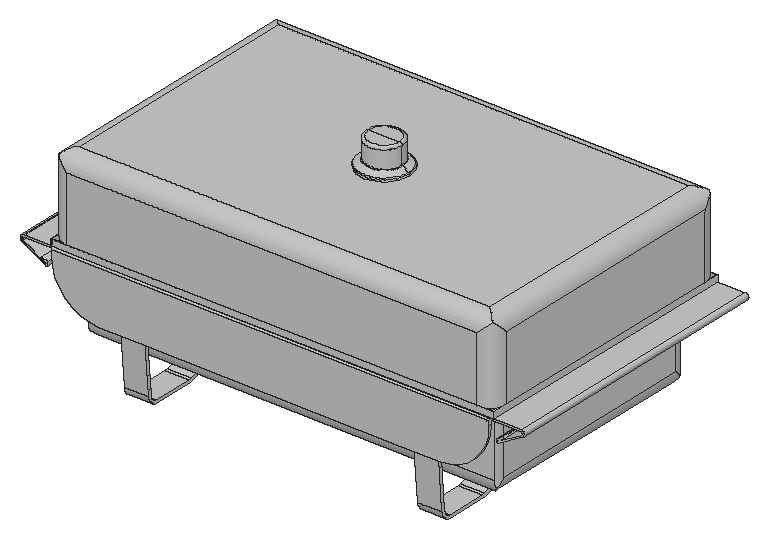
Revit family "QF_BOURGEAT_bain_marie_couvercle_standard_modulo", category Equipement spécialisé, Revit 2015
Parameters (values of type "bain_marie")
  support = yes
  URL catalogue = "http://www.bourgeat.fr"
  URL = ""
  Type de Raccord Electrique = ""
  Type article = ""
  Tension = 230 V
  Spécification du Fabricant = "bain_marie_modulo"
  Remarques Electricité = ""
  Puissance électrique  = 700 W
  Profondeur hors tout = 345 mm
  Poids net à vide = 7.00 kg
  Phase = 2
  Modèle = "875005"
  Longueur hors tout = 545 mm
  Intensité nominale = 3.04348 A
  Indice de protection = "54"
  Hauteur hors tout = 250 mm
  Fréquence = 50 Hz
  Fabricant = "BOURGEAT"
  Contact SAV = "0033(0)4.73.32.14.44"
  Charge max = 10.00 kg
Types (3, lengths in mm): name | Profondeur hors tout | Modèle | Longueur hors tout
  (no name) | 345 | "875005" | 545
  bain_marie | 345 | "875005" | 545
  bain_marie+support | 350 | "875005+875000" | 620
Reference planes
  plane 1 "Centre (avant/arrière)": y = 0
  plane 2: z = 0
  plane 3 "Centre (gauche/droite)": x = 0
Dimensions and locks
  aligned and locked: level to plane 2
Nested families
  nested 1: "base_commune_empilable" at (0, 0, 0), type "base_commune_empilable"
  nested 2: "bain_marie_couvercle_classique" at (0, 0, -76), type "modele_a_alcool"
Connectors
  electrical at (173.194, -64.811, 37.064), driven by "Tension"
    settings: on nested 2, index 1, voltage 230 V, apparent load 0 VA, apparent load phase1 700 VA, apparent load phase2 0 VA, apparent load phase3 0 VA, power factor 1, load classification "Autre", number of poles 1, system type 30, power factor state 1, is connector primary yes, connector utility no, sub classification motor no, connector description ""
Definition of nested family "base_commune_empilable"
  Reference planes
    plane 1 "Centre (avant/arrière)": y = 0
    plane 2: z = 0
    plane 3 "Centre (gauche/droite)": x = 0
    plane 4: x = 311
    plane 5: x = -311
    plane 6: y = 175.7
    plane 7: y = -175.7
    plane 8: z = 149
    plane 9: z = 147
    plane 10: y = 172.5
    plane 11: y = -172.5
    plane 12: z = 81.5
    plane 13: x = 270
    plane 14: x = -270
    plane 15: x = 175.8
    plane 16: x = -175.8
    plane 17: x = 199.8
    plane 18: x = 151.8
    plane 19: x = -151.8
    plane 20: x = -199.8
    plane 21: x = -151.8
    plane 22: x = -199.8
    plane 23: x = 199.8
    plane 24: x = 151.8
    plane 25: y = 155
    plane 26: y = -155
    plane 27: y = 167.7
    plane 28: y = 167.7
    plane 29: y = -167.7
    plane 30: y = -167.7
    plane 31: x = 257.5
    plane 32: x = -257.5
    plane 33: x = -196
    plane 34: x = 196
  Forms (mm)
    Extrusion 1, solid
      sketch origin (0, 0, 0) x (1, 0, 0) y (0, 0, 1)
        loop
          line (307, 149) -> (-307, 149)
          arc (-307, 149) -> (-310.864, 146.035) -> (-309, 141.536) r 4
          line (-309, 141.536) -> (-280.078, 124.838)
          arc (-280.078, 124.838) -> (-276.8, 125.716) -> (-277.678, 128.995) r 2.4
          line (-277.678, 128.995) -> (-284.26, 132.795) -> (-285.26, 131.063) -> (-278.678, 127.263)
          arc (-278.678, 127.263) -> (-278.532, 126.716) -> (-279.078, 126.57) r 0.4
          line (-279.078, 126.57) -> (-308, 143.268)
          arc (-308, 143.268) -> (-308.932, 145.518) -> (-307, 147) r 2
          line (-307, 147) -> (307, 147)
          arc (307, 147) -> (308.932, 145.518) -> (308, 143.268) r 2
          line (308, 143.268) -> (279.078, 126.57)
          arc (279.078, 126.57) -> (278.532, 126.716) -> (278.678, 127.263) r 0.4
          line (278.678, 127.263) -> (285.26, 131.063) -> (284.26, 132.795) -> (277.678, 128.995)
          arc (277.678, 128.995) -> (276.8, 125.716) -> (280.078, 124.838) r 2.4
          line (280.078, 124.838) -> (309, 141.536)
          arc (309, 141.536) -> (310.864, 146.035) -> (307, 149) r 4
      from -172.5 to 172.5
    Extrusion 2, solid
      sketch origin (0, 0, 0) x (0, 1, 0) y (0, 0, 1)
        loop
          line (-172.5, 149) -> (-173.7, 149)
          arc (-173.7, 149) -> (-175.114, 148.414) -> (-175.7, 147) r 2
          line (-175.7, 147) -> (-175.7, 81.5) -> (-173.514, 81.5) -> (-173.514, 146)
          arc (-173.514, 146) -> (-173.216, 146.712) -> (-172.5, 147) r 1
          line (-172.5, 147) -> (-172.5, 149)
        loop
          line (172.5, 149) -> (172.5, 147)
          arc (172.5, 147) -> (173.216, 146.712) -> (173.514, 146) r 1
          line (173.514, 146) -> (173.514, 81.5) -> (175.7, 81.5) -> (175.7, 147)
          arc (175.7, 147) -> (175.114, 148.414) -> (173.7, 149) r 2
          line (173.7, 149) -> (172.5, 149)
      from -270 to 270
    Extrusion 3, void
      sketch origin (0, 0, 0) x (1, 0, 0) y (0, 0, 1)
        loop
          line (-270, 146) -> (-280.002, 5.251) -> (-162.588, 81.5) -> (-210, 81.5)
          arc (-210, 81.5) -> (-252.426, 99.074) -> (-270, 141.5) r 60
          line (-270, 141.5) -> (-270, 146)
        loop
          line (270, 146) -> (270, 141.5)
          arc (270, 141.5) -> (252.426, 99.074) -> (210, 81.5) r 60
          line (210, 81.5) -> (162.588, 81.5) -> (280.002, 5.251) -> (270, 146)
      from -197.856 to 250
    Extrusion 4, void
      sketch origin (0, 0, 0) x (1, 0, 0) y (0, 1, 0)
        loop
          line (-199.8, 165.7) -> (-199.8, 157)
          arc (-199.8, 157) -> (-200.386, 155.586) -> (-201.8, 155) r 2
          line (-201.8, 155) -> (-217.5, 155)
          arc (-217.5, 155) -> (-245.784, 143.284) -> (-257.5, 115) r 40
          line (-257.5, 115) -> (-257.5, -115)
          arc (-257.5, -115) -> (-245.784, -143.284) -> (-217.5, -155) r 40
          line (-217.5, -155) -> (-201.8, -155)
          arc (-201.8, -155) -> (-200.386, -155.586) -> (-199.8, -157) r 2
          line (-199.8, -157) -> (-199.8, -165.7)
          arc (-199.8, -165.7) -> (-199.214, -167.114) -> (-197.8, -167.7) r 2
          line (-197.8, -167.7) -> (-153.8, -167.7)
          arc (-153.8, -167.7) -> (-152.386, -167.114) -> (-151.8, -165.7) r 2
          line (-151.8, -165.7) -> (-151.8, -157)
          arc (-151.8, -157) -> (-151.214, -155.586) -> (-149.8, -155) r 2
          line (-149.8, -155) -> (149.8, -155)
          arc (149.8, -155) -> (151.214, -155.586) -> (151.8, -157) r 2
          line (151.8, -157) -> (151.8, -165.7)
          arc (151.8, -165.7) -> (152.386, -167.114) -> (153.8, -167.7) r 2
          line (153.8, -167.7) -> (197.8, -167.7)
          arc (197.8, -167.7) -> (199.214, -167.114) -> (199.8, -165.7) r 2
          line (199.8, -165.7) -> (199.8, -157)
          arc (199.8, -157) -> (200.386, -155.586) -> (201.8, -155) r 2
          line (201.8, -155) -> (217.5, -155)
          arc (217.5, -155) -> (245.784, -143.284) -> (257.5, -115) r 40
          line (257.5, -115) -> (257.5, 115)
          arc (257.5, 115) -> (245.784, 143.284) -> (217.5, 155) r 40
          line (217.5, 155) -> (201.8, 155)
          arc (201.8, 155) -> (200.386, 155.586) -> (199.8, 157) r 2
          line (199.8, 157) -> (199.8, 165.7)
          arc (199.8, 165.7) -> (199.214, 167.114) -> (197.8, 167.7) r 2
          line (197.8, 167.7) -> (153.8, 167.7)
          arc (153.8, 167.7) -> (152.386, 167.114) -> (151.8, 165.7) r 2
          line (151.8, 165.7) -> (151.8, 157)
          arc (151.8, 157) -> (151.214, 155.586) -> (149.8, 155) r 2
          line (149.8, 155) -> (-149.8, 155)
          arc (-149.8, 155) -> (-151.214, 155.586) -> (-151.8, 157) r 2
          line (-151.8, 157) -> (-151.8, 165.7)
          arc (-151.8, 165.7) -> (-152.386, 167.114) -> (-153.8, 167.7) r 2
          line (-153.8, 167.7) -> (-197.8, 167.7)
          arc (-197.8, 167.7) -> (-199.214, 167.114) -> (-199.8, 165.7) r 2
      from 0 to 250
  Cuts and joins
    Extrusion 3 cuts Extrusion 2
    Extrusion 4 cuts Extrusion 1
  Dimensions and locks
    plane 6 to plane 7 = 351.4 mm
    plane 5 to plane 4 = 622 mm  (x2)
    plane 7 to plane 6 = 351.4 mm
    plane 10 to plane 1 "Centre (avant/arrière)" to plane 11 = 172.5 mm, 172.5 mm
    plane 5 to plane 33 = 115 mm
    plane 34 to plane 4 = 115 mm
    cut or joined group of Extrusion 1, Extrusion 4 to nested 2 = 1 mm
    aligned and locked: level to plane 2
    aligned and locked: plane 10 to Extrusion 1
    aligned and locked: plane 11 to Extrusion 1
    aligned and locked: Extrusion 2 to plane 12  (x2)
    aligned and locked: plane 14 to Extrusion 2
    aligned and locked: plane 13 to Extrusion 2
    aligned and locked: nested 1 to plane 33
    aligned and locked: nested 2 to plane 34
  Nested families
    nested 1: "bras_du_support" at (-181, 0, 0) x (0, 1, 0) z (0, 0, 1), type "bras_du_support"
    nested 2: "bras_du_support" at (181, 0, 0) x (0, 1, 0) z (0, 0, 1), type "bras_du_support"
  Definition of nested family "bras_du_support"
    Reference planes
      plane 1 "Centre (avant/arrière)": y = 0
      plane 2: z = 0
      plane 3 "Centre (gauche/droite)": x = 0
      plane 4: through (-247.444, -1524, 1281.791) normal (0.9962, 0, 0.0872)
      plane 5: z = 225
      plane 6: through (155.5, -1524, 225) normal (0.9962, 0, -0.0872)
      plane 7: z = 12
      plane 8: through (-64.644, -1524, 12.113) normal (0.3256, 0, -0.9455)
      plane 9: through (64.971, -1524, 12) normal (0.3256, 0, 0.9455)
      plane 10: z = 3
      plane 11: through (148.123, -1524, 175.104) normal (0.9962, 0, -0.0872)
      plane 12: through (-146.325, -1524, 160.421) normal (0.9962, 0, 0.0872)
      plane 13: x = 161.5
      plane 14: x = -161.5
      plane 15: x = 158.5
      plane 16: z = 195
      plane 17: through (161.5, -1524, 195) normal (0.7986, 0, -0.6018)
      plane 18: through (158.5, -1524, 195) normal (0.7986, 0, -0.6018)
      plane 19: x = -158.5
      plane 20: through (-161.5, -1524, 195) normal (0.7986, 0, 0.6018)
      plane 21: through (-158.5, -1524, 195) normal (0.7986, 0, 0.6018)
      plane 22: through (-93.673, -1524, -1.056) normal (-0.3256, 0, 0.9455)
      plane 23: x = -64.997
      plane 24: x = 64.997
      plane 25: through (71.413, -1524, 6.609) normal (0.3256, 0, 0.9455)
      plane 26: z = 8.991
      plane 27: y = 15
      plane 28: y = -15
      plane 29: z = 140
    Forms (mm)
      Extrusion 1, solid
        sketch origin (0, 0, 0) x (1, 0, 0) y (0, 0, 1)
          loop
            line (-170.5, 140) -> (-173.5, 140) -> (-173.5, 112.008)
            arc (-173.5, 112.008) -> (-173.19, 110.104) -> (-172.292, 108.397) r 6
            line (-172.292, 108.397) -> (-163.679, 96.968)
            arc (-163.679, 96.968) -> (-163.275, 96.237) -> (-163.087, 95.424) r 3
            line (-163.087, 95.424) -> (-155.776, 11.867)
            arc (-155.776, 11.867) -> (-151.609, 3.415) -> (-142.826, 0) r 13
            line (-142.826, 0) -> (-92.782, 0)
            arc (-92.782, 0) -> (-90.636, 0.178) -> (-88.55, 0.708) r 13
            line (-88.55, 0.708) -> (-66.077, 8.446)
            arc (-66.077, 8.446) -> (-64.472, 8.854) -> (-62.821, 8.991) r 10
            line (-62.821, 8.991) -> (62.822, 8.991)
            arc (62.822, 8.991) -> (64.472, 8.854) -> (66.078, 8.446) r 10
            line (66.078, 8.446) -> (88.55, 0.708)
            arc (88.55, 0.708) -> (90.637, 0.178) -> (92.783, 0) r 13
            line (92.783, 0) -> (143.339, 0)
            arc (143.339, 0) -> (152.122, 3.415) -> (156.29, 11.867) r 13
            line (156.29, 11.867) -> (163.668, 96.194)
            arc (163.668, 96.194) -> (163.855, 97.008) -> (164.26, 97.738) r 3
            line (164.26, 97.738) -> (172.292, 108.397)
            arc (172.292, 108.397) -> (173.19, 110.104) -> (173.5, 112.008) r 6
            line (173.5, 112.008) -> (173.5, 140) -> (170.5, 140) -> (170.5, 111.004)
            arc (170.5, 111.004) -> (170.345, 110.052) -> (169.896, 109.198) r 3
            line (169.896, 109.198) -> (161.765, 98.408)
            arc (161.765, 98.408) -> (160.955, 96.947) -> (160.58, 95.32) r 6
            line (160.58, 95.32) -> (153.301, 12.128)
            arc (153.301, 12.128) -> (150.095, 5.627) -> (143.339, 3) r 10
            line (143.339, 3) -> (92.783, 3)
            arc (92.783, 3) -> (91.132, 3.137) -> (89.527, 3.545) r 10
            line (89.527, 3.545) -> (67.054, 11.283)
            arc (67.054, 11.283) -> (64.967, 11.813) -> (62.822, 11.991) r 13
            line (62.822, 11.991) -> (-62.827, 11.991)
            arc (-62.827, 11.991) -> (-64.973, 11.813) -> (-67.06, 11.283) r 13
            line (-67.06, 11.283) -> (-89.532, 3.545)
            arc (-89.532, 3.545) -> (-91.138, 3.137) -> (-92.788, 3) r 10
            line (-92.788, 3) -> (-142.826, 3)
            arc (-142.826, 3) -> (-149.582, 5.627) -> (-152.788, 12.128) r 10
            line (-152.788, 12.128) -> (-159.999, 94.549)
            arc (-159.999, 94.549) -> (-160.374, 96.177) -> (-161.184, 97.637) r 6
            line (-161.184, 97.637) -> (-169.896, 109.198)
            arc (-169.896, 109.198) -> (-170.345, 110.052) -> (-170.5, 111.004) r 3
            line (-170.5, 111.004) -> (-170.5, 140)
        from -15 to 15
    Dimensions and locks
      plane 14 to plane 13 = 323 mm
      plane 23 to plane 24 = 129.994 mm
      locked: plane 5 to plane 16 at 30
      angle plane 4 to plane 5 = 85.00°
      angle plane 5 to plane 6 = 85.00°
      angle plane 8 to plane 7 = 161.00°
      angle plane 7 to plane 9 = 161.00°
      aligned and locked: level to plane 2
      aligned and locked: Extrusion 1 sketch curve to plane 26
      aligned and locked: plane 27 to Extrusion 1
      aligned and locked: plane 28 to Extrusion 1
Definition of nested family "bain_marie_couvercle_classique"
  Parameters (values of type "modele_a_alcool")
    URL_page_produit = "http://www.bourgeat.fr"
    URL_fiche_technique = "à venir"
    URL_SAV = "à venir"
    URL = "http://www.bourgeat.fr"
    Type_de_raccordement = ""
    Tension = 0 V
    Puissance_electrique = 0 W
    Profondeur_hors_tout = 335 mm
    Poids = "9Kg"
    Nature_isolant = ""
    Model = "bain_marie_de_table"
    Largeur_hors_tout = 630 mm
    Intensite = 0 A
    Hauteur_hors_tout = 395 mm
    Frequence = ""
    Manufacturer = "BOURGEAT"
    Contact_SAV = "0033(4).76.32.14.44"
    Code_article = "855001"
    Charge_maximum = ""
  Reference planes
    plane 1 "Centre (avant/arrière)": y = 0
    plane 2: z = 0
    plane 3 "Centre (gauche/droite)": x = 0
  Dimensions and locks
    aligned and locked: level to plane 2
  Nested families
    nested 1: "cuve_b_m" at (0, 0, 116), type "cuve_b_m"
    nested 2: "couvercle_b_m" at (0, 0, 233), type "couvercle_b_m"
  Definition of nested family "cuve_b_m"
    Reference planes
      plane 1 "Centre (avant/arrière)": y = 0
      plane 2: z = 0
      plane 3 "Centre (gauche/droite)": x = 0
      plane 4: x = 273
      plane 5: x = -273
      plane 6: y = 173
      plane 7: y = -173
      plane 8: z = 117
      plane 9: y = 172
      plane 10: x = 272
      plane 11: y = -172
      plane 12: x = -272
      plane 13: z = 110
      plane 14: x = -253.5
      plane 15: y = -143
      plane 16: y = 143
      plane 17: z = 109
    Forms (mm)
      Extrusion 1, solid
        sketch origin (0, 0, 0) x (1, 0, 0) y (0, 1, 0)
          loop
            line (-273, 173) -> (-273, -173) -> (273, -173) -> (273, 173) -> (-273, 173)
        from 0 to 117
      Extrusion 2, void
        sketch origin (0, 0, 0) x (1, 0, 0) y (0, 1, 0)
          loop
            line (-272, 172) -> (-272, -172) -> (272, -172) -> (272, 172) -> (-272, 172)
        from 110 to 135.867
      Extrusion 3, void
        sketch origin (0, 0, 0) x (1, 0, 0) y (0, 0, 1)
          loop
            line (-289.458, 109) -> (-289.458, -40) -> (289.458, -40) -> (289.458, 109) -> (257, 109)
            arc (257, 109) -> (254.525, 107.975) -> (253.5, 105.5) r 3.5
            line (253.5, 105.5) -> (253.5, 20)
            arc (253.5, 20) -> (247.642, 5.858) -> (233.5, 0) r 20
            line (233.5, 0) -> (-233.5, 0)
            arc (-233.5, 0) -> (-247.642, 5.858) -> (-253.5, 20) r 20
            line (-253.5, 20) -> (-253.5, 105.5)
            arc (-253.5, 105.5) -> (-254.525, 107.975) -> (-257, 109) r 3.5
            line (-257, 109) -> (-289.458, 109)
        from -309.494 to 250
      Extrusion 4, void
        sketch origin (0, 0, 0) x (0, 1, 0) y (0, 0, 1)
          loop
            line (-190.351, 109) -> (-190.351, -20) -> (190.351, -20) -> (190.351, 109) -> (146.5, 109)
            arc (146.5, 109) -> (144.025, 107.975) -> (143, 105.5) r 3.5
            line (143, 105.5) -> (143, 20)
            arc (143, 20) -> (137.142, 5.858) -> (123, 0) r 20
            line (123, 0) -> (-123, 0)
            arc (-123, 0) -> (-137.142, 5.858) -> (-143, 20) r 20
            line (-143, 20) -> (-143, 105.5)
            arc (-143, 105.5) -> (-144.025, 107.975) -> (-146.5, 109) r 3.5
            line (-146.5, 109) -> (-190.351, 109)
        from -358.259 to 332.42
      Extrusion 5, void
        sketch origin (0, 0, 0) x (1, 0, 0) y (0, 1, 0)
          loop
            arc (-253.5, 132.5) -> (-247.642, 146.642) -> (-233.5, 152.5) r 20
            line (-233.5, 152.5) -> (-226.13, 152.5) -> (-226.13, 182.5) -> (-261.13, 182.5) -> (-261.13, 125.635) -> (-253.5, 125.635) -> (-253.5, 132.5)
        from 0 to 109
      Extrusion 6, void
        sketch origin (0, 0, 0) x (1, 0, 0) y (0, 1, 0)
          loop
            line (-253.5, -132.5) -> (-253.5, -125.635) -> (-261.13, -125.635) -> (-261.13, -182.5) -> (-226.13, -182.5) -> (-226.13, -152.5) -> (-233.5, -152.5)
            arc (-233.5, -152.5) -> (-247.642, -146.642) -> (-253.5, -132.5) r 20
        from 0 to 109
      Extrusion 7, void
        sketch origin (0, 0, 0) x (-1, 0, 0) y (0, -1, 0)
          loop
            line (-253.5, -132.5) -> (-253.5, -125.635) -> (-261.13, -125.635) -> (-261.13, -182.5) -> (-226.13, -182.5) -> (-226.13, -152.5) -> (-233.5, -152.5)
            arc (-233.5, -152.5) -> (-247.642, -146.642) -> (-253.5, -132.5) r 20
        from 0 to 109
      Extrusion 8, void
        sketch origin (0, 0, 0) x (-1, 0, 0) y (0, -1, 0)
          loop
            arc (-253.5, 132.5) -> (-247.642, 146.642) -> (-233.5, 152.5) r 20
            line (-233.5, 152.5) -> (-226.13, 152.5) -> (-226.13, 182.5) -> (-261.13, 182.5) -> (-261.13, 125.635) -> (-253.5, 125.635) -> (-253.5, 132.5)
        from 0 to 109
      Extrusion 9, solid
        sketch origin (0, 0, 0) x (1, 0, 0) y (0, 1, 0)
          loop
            circle (173.194, -64.811) r 5
        from 0 to -2.936
    Cuts and joins
      Extrusion 2, Extrusion 3, Extrusion 4, Extrusion 5, Extrusion 6, Extrusion 7, Extrusion 8 cuts Extrusion 1
    Dimensions and locks
      plane 5 to plane 4 = 546 mm
      plane 5 to plane 14 = 19.5 mm
      plane 15 to plane 16 = 286 mm
      plane 15 to plane 1 "Centre (avant/arrière)" to plane 16 = 143 mm, 143 mm
      aligned and locked: level to plane 2
      aligned and locked: Extrusion 1 sketch curve to plane 6
      aligned and locked: Extrusion 1 sketch curve to plane 5
      aligned and locked: Extrusion 1 sketch curve to plane 7
      aligned and locked: Extrusion 1 sketch curve to plane 4
      aligned and locked: plane 8 to Extrusion 1
      aligned and locked: Extrusion 2 sketch curve to plane 9
      aligned and locked: Extrusion 2 sketch curve to plane 12
      aligned and locked: Extrusion 2 sketch curve to plane 11
      aligned and locked: Extrusion 2 sketch curve to plane 10
      aligned and locked: Extrusion 2 to plane 13
      aligned and locked: Extrusion 3 sketch curve to Extrusion 3 sketch curve
      aligned and locked: Extrusion 4 sketch curve to Extrusion 4 sketch curve
      aligned and locked: Extrusion 4 sketch curve to plane 16
  Definition of nested family "couvercle_b_m"
    Reference planes
      plane 1 "Centre (avant/arrière)": y = 0
      plane 2: z = 0
      plane 3 "Centre (gauche/droite)": x = 0
      plane 4: x = 273
      plane 5: x = -273
      plane 6: y = 173
      plane 7: y = -173
      plane 8: z = 100
      plane 9: x = -31
      plane 10: x = -22
    Forms (mm)
      Extrusion 1, solid
        sketch origin (0, 0, 0) x (1, 0, 0) y (0, 1, 0)
          loop
            line (-273, 173) -> (-273, -173) -> (273, -173) -> (273, 173) -> (-273, 173)
        from 0 to 100
      Extrusion 2, void
        sketch origin (0, 0, 0) x (1, 0, 0) y (0, 1, 0)
          loop
            arc (-273, 153) -> (-267.142, 167.142) -> (-253, 173) r 20
            line (-253, 173) -> (-275.966, 184.201) -> (-273, 153)
          loop
            arc (-253, -173) -> (-267.142, -167.142) -> (-273, -153) r 20
            line (-273, -153) -> (-283.816, -186.287) -> (-253, -173)
          loop
            line (253, -173) -> (274.921, -182.76) -> (273, -153)
            arc (273, -153) -> (267.142, -167.142) -> (253, -173) r 20
          loop
            line (273, 153) -> (276.31, 184.877) -> (253, 173)
            arc (253, 173) -> (267.142, 167.142) -> (273, 153) r 20
        from 0 to 250
      Sweep 3, void
        path origin (0, 0, 0) x (1, 0, 0) y (0, 1, 0)
          loop
            line (-273, -173) -> (273, -173) -> (273, 173) -> (-273, 173) -> (-273, -173)
        profile origin (-273, 0, 0) x (-1, 0, 0) y (0, 0, 1)
          loop
            line (0, 73.038) -> (17.288, 124.094) -> (-30, 100) -> (-20, 100)
            arc (-20, 100) -> (-5.858, 94.142) -> (0, 80) r 20
            line (0, 80) -> (0, 73.038)
      Revolve 4, solid
        sketch origin (0, 0, 0) x (1, 0, 0) y (0, 0, 1)
          loop
            line (-31, 100) -> (0, 100) -> (0, 133.323) -> (-19, 133.323)
            arc (-19, 133.323) -> (-21.121, 132.444) -> (-22, 130.323) r 3
            line (-22, 130.323) -> (-22, 109.023)
            arc (-22, 109.023) -> (-22.181, 108.45) -> (-22.658, 108.083) r 1
            line (-22.658, 108.083) -> (-30.516, 103.349)
            arc (-30.516, 103.349) -> (-30.871, 102.984) -> (-31, 102.492) r 1
            line (-31, 102.492) -> (-31, 100)
          axis (0, 133.323) -> (0, 100)
        angle from 0 to 360
    Cuts and joins
      Extrusion 2, Sweep 3 cuts Extrusion 1
    Dimensions and locks
      aligned and locked: level to plane 2
      aligned and locked: Extrusion 1 sketch curve to plane 6
      aligned and locked: Extrusion 1 sketch curve to plane 5
      aligned and locked: Extrusion 1 sketch curve to plane 7
      aligned and locked: Extrusion 1 sketch curve to plane 4
      aligned and locked: plane 8 to Extrusion 1
